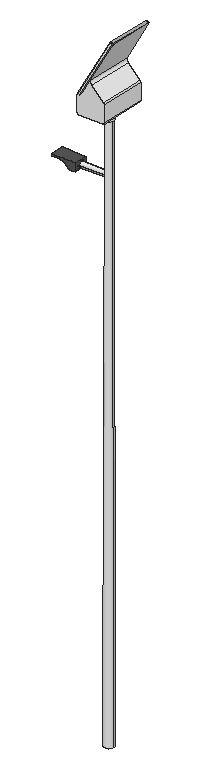
Revit family "Farola Solar Moon M blanca", category Luminarias, Revit 2021
Family settings
  Cota de conector redondo = Diámetro de uso
  Tipo de pieza = Normal
  Se basa en plano de trabajo = No
  Siempre vertical = Sí
  Corte con vacíos al cargar = No
  Origen de luz = No
  Compartido = Sí
  Punto de cálculo de habitación = No
Parameters (values of type "Farola Olintu S pintura gris")
  URL producto = "https://ekiona.com/farolas-solares/serie-moon/"
  URL = "https://www.ekiona.com/"
  Teléfono de contacto = "(+34) 943 30 80 51"
  Keynote = ""
  Modelo = "Modelo Moon"
  Marcado CE = "SÍ"
  Garantía = "5 años"
  Gama de colores = "Blanco, Negro, Gris, Verde bosque, acero galvanizado"
  Gama de acabados = "Galvanizado, Fibra de vidrio, Aluminio"
  Fabricante = "Ekiona"
  Elevación por defecto = 2000 mm
  E-mail de contacto = "info@ekiona.com"
  Distancia inserto-columa = Altura columna planos - 136 mm  # 6864 mm
  Distancia brazo-final de columna = Altura columna planos - 700 mm  # 6300 mm
  Dirección = "Parque Tecnológico Miramón - Paseo Mikeletegi 56 - 20009 Donostia/San Sebastián"
  Descripción de la empresa = "Diseñamos, desarrollamos, fabricamos y comercializamos farolas solares que se adaptan a cualquier necesidad."
  Descripción = "Farola solar compacta y estética, la unión entre eficiencia y diseño"
  Clase eficiencia energética = "A++"
  Altura columna extremos = 7000 mm
  Altura columna planos = Altura columna extremos  # 7000 mm
Types (3, lengths in mm): name | URL producto | Modelo | Garantía | Gama de colores | Gama de acabados | Distancia inserto-columa | Distancia brazo-final de columna | Dirección | Descripción de la empresa | Descripción | Altura columna extremos | Altura columna planos
  (no name) | "https://ekiona.com/farolas-solares/serie-moon/" | "Modelo Moon" | "5 años" | "Blanco, Negro, Gris, Verde bosque, acero galvanizado" | "Galvanizado, Fibra de vidrio, Aluminio" | 6864 | 6300 | "Parque Tecnológico Miramón - Paseo Mikeletegi 56 - 20009 Donostia/San Sebastián" | "Diseñamos, desarrollamos, fabricamos y comercializamos farolas solares que se adaptan a cualquier necesidad." | "Farola solar compacta y estética, la unión entre eficiencia y diseño" | 7000 | 7000
  Farola Olintu S pintura blanca | "https://ekiona.com/farolas-solares/serie-olintu/" | "Modelo Olintu" | "2 años" | "" | "" | 3864 | 3300 | "" | "" | "Farola solar que combina diseño y eficencia" | 4000 | 4000
  Farola Olintu S pintura gris | "https://ekiona.com/farolas-solares/serie-moon/" | "Modelo Moon" | "5 años" | "Blanco, Negro, Gris, Verde bosque, acero galvanizado" | "Galvanizado, Fibra de vidrio, Aluminio" | 6864 | 6300 | "Parque Tecnológico Miramón - Paseo Mikeletegi 56 - 20009 Donostia/San Sebastián" | "Diseñamos, desarrollamos, fabricamos y comercializamos farolas solares que se adaptan a cualquier necesidad." | "Farola solar compacta y estética, la unión entre eficiencia y diseño" | 7000 | 7000
Reference planes
  plane 1 "Center (Front/Back)": y = 0
  plane 2: z = 0
  plane 3 "Center (Left/Right)": x = 0
  plane 4: z = 7000
  plane 5: z = 6300
Dimensions and locks
  "Altura columna planos": plane 2 to plane 4
  "Distancia brazo-final de columna": level to plane 5
  "Distancia inserto-columa": level to nested 3
  aligned and locked: level to plane 2
  aligned and locked: plane 5 to nested 2
Nested families
  nested 1: "Columna Moon M blanca" at (5, 0, 0), Altura columna <- "Altura columna extremos", type "Columna 7m"
  nested 2: "Luminaria Moon M blanca" at (5, 0, 6251.464), type "Luminaria 20W"
  nested 3: "Tolva Moon M blanca" at (5, 340, 5524.796), type "Tolva Moon M blanca"
Definition of nested family "Columna Moon M blanca"
  Parameters (values of type "Columna 7m")
    Øsuperior columna = 88 mm
    Øinferior columna = 115 mm
    Material columna = none
    Default Elevation = 0 mm
    Altura columna [instance] = 7000 mm
  Types (2, lengths in mm): name | Altura columna
    Columna 6m | 6000
    Columna 7m | 7000
  Reference planes
    plane 1 "Center (Front/Back)": y = 0
    plane 2: z = 0
    plane 3 "Center (Left/Right)": x = 0
    plane 4: z = 7000
  Forms (mm)
    Blend 1, solid, material <- "Material columna"
      base sketch origin (0, 0, 0) x (1, 0, 0) y (0, 1, 0)
        loop
          circle (0.091, 0.421) r 57.5
      top sketch origin (0, 0, 0) x (1, 0, 0) y (0, 1, 0)
        loop
          circle (0.091, 0.421) r 44
      from 0 to 7000
  Dimensions and locks
    "Altura columna": plane 4 to level
    "Øinferior columna": diameter of Blend 1 sketch curve
    "Øsuperior columna": diameter of Blend 1 sketch curve
    aligned and locked: level to plane 2
    aligned and locked: plane 4 to Blend 1
  Automatic sketch dimensions
    plane 3 "Center (Left/Right)" to Blend 1 sketch curve = 0.091 mm  (x2)
    Blend 1 sketch curve to plane 1 "Center (Front/Back)" = 0.421 mm  (x2)
Definition of nested family "Luminaria Moon M blanca"
  Parameters (values of type "Luminaria 50W")
    Tilt Angle = 70.00°
    built-in parameter 1010506 = 0.34907 (stored number, unit not read)
    built-in parameter 1010507 = 1.2217 (stored number, unit not read)
    Wattage = 50 W
    built-in parameter 1150107 = 3000 (stored number, unit not read)
    built-in parameter 1150110 = 1 (stored number, unit not read)
    built-in parameter 1150109 = 1 (stored number, unit not read)
    built-in parameter 1150112 = 1 (stored number, unit not read)
    built-in parameter 1150113 = 1 (stored number, unit not read)
    built-in parameter 1114218 = 1 (stored number, unit not read)
    built-in parameter 1150137 = (empty or 0)
    built-in parameter 1150132 = (empty or 0)
    Material luminaria = none
    Material brazo = none
    Material LED = none
    Light Source Symbol Length = 3048 mm
    built-in parameter 1150105 = 60769.7 (stored number, unit not read)
    built-in parameter 1150102 = (empty or 0)
    built-in parameter 1150106 = 607.7 (stored number, unit not read)
    Emit Shape Visible in Rendering = no
    Lumens = 8250 lm
    Color Filter = 16777215
    built-in parameter 1114217 = 0.7 (stored number, unit not read)
    built-in parameter 1150139 = (empty or 0)
    Default Elevation = 0 mm
    built-in parameter 1150104 = 15.329 (stored number, unit not read)
    Emit from Circle Diameter = 50 mm
    built-in parameter 1150115 = 1 (stored number, unit not read)
    built-in parameter 1150114 = 1 (stored number, unit not read)
    built-in parameter 1150138 = (empty or 0)
    built-in parameter 1150134 = (empty or 0)
    Dimming Lamp Color Temperature Shift = (empty or 0)
    built-in parameter 1150133 = 10 (stored number, unit not read)
  Types (4, lengths in mm): name | Wattage | built-in parameter 1150105 | built-in parameter 1150106 | Lumens
    Luminaria 30W | 30 W | 36461.8 (stored number, unit not read) | 364.62 (stored number, unit not read) | 4950 lm
    Luminaria 20W | 20 W | 24307.9 (stored number, unit not read) | 243.08 (stored number, unit not read) | 3300 lm
    Luminaria 40W | 40 W | 48615.8 (stored number, unit not read) | 486.16 (stored number, unit not read) | 6600 lm
    Luminaria 50W | 50 W | 60769.7 (stored number, unit not read) | 607.7 (stored number, unit not read) | 8250 lm
  Reference planes
    plane 1 "Center (Front/Back)": y = 0
    plane 2: z = 0
    plane 3 "Center (Left/Right)": x = 0
  Forms (mm)
    Revolve 1, solid, material <- "Material brazo"
      sketch origin (303.946, 1.989, 0) x (1, 0, 0) y (0, 1, 0)
        loop
          line (-668.06, 30) -> (-302.022, 30) -> (-302.022, 33.284) -> (-668.06, 33.284) -> (-668.06, 30)
        axis (-668.06, 0) -> (-302.022, 0)
      angle from 0 to 360
    Revolve 2, solid, material <- "Material LED"
      sketch origin (637.978, 0, -3.572) x (1, 0, 0) y (0, 0, 1)
        loop
          arc (-1192.369, 27.257) -> (-1185.047, 9.579) -> (-1167.369, 2.257) r 25
          line (-1167.369, 2.257) -> (-1167.369, 27.257) -> (-1192.369, 27.257)
        axis (-1167.369, 27.257) -> (-1167.369, 2.257)
      angle from 0 to 360
    Extrusion 3, solid, material <- "Material luminaria"
      sketch origin (188.457, 170, 0) x (1, 0, 0) y (0, 0, 1)
        loop
          arc (-530.557, 45) -> (-532.034, 47.059) -> (-534.093, 48.536) r 7.795
          line (-534.093, 48.536) -> (-819.093, 48.536)
          arc (-819.093, 48.536) -> (-830.585, 37.044) -> (-819.093, 25.552) r 11.492
          line (-819.093, 25.552) -> (-754.765, 25.552)
          arc (-754.765, 25.552) -> (-719.662, 20.455) -> (-685.221, 11.966) r 364.063
          arc (-685.221, 11.966) -> (-667.18, 1.896) -> (-655.103, -14.869) r 47.612
          arc (-655.103, -14.869) -> (-633.37, -40.263) -> (-603.441, -55.142) r 83.798
          arc (-603.441, -55.142) -> (-569.333, -56.37) -> (-535.764, -50.207) r 157.18
          arc (-535.764, -50.207) -> (-532.082, -48.682) -> (-530.557, -45) r 5.207
          line (-530.557, -45) -> (-530.557, 45)
      from 95.307 to 250
  Dimensions and locks
    aligned and locked: level to plane 2
Definition of nested family "Tolva Moon M blanca"
  Parameters (values of type "Tolva Olintu S blanca")
    Model = "Tolva Olintu"
    Material inserto = none
    Material estructura base = none
    Manufacturer = "Ekiona"
    Default Elevation = 0 mm
    Ancho panel = 545 mm
  Reference planes
    plane 1 "Center (Front/Back)": y = 0
    plane 2: z = 0
    plane 3 "Center (Left/Right)": x = 0
    plane 4 "paralelo a vista izq": y = -337.5
    plane 5 "Plano 1": through (259.959, -25, 3493.187) normal (-0.5, 0, 0.866)
    plane 6: through (97.83, 0, 2130.088) normal (-0.866, 0, 0.5)
  Forms (mm)
    Revolve 1, solid, material <- "Material inserto"
      sketch origin (0, 0, -386.551) x (0, 1, 0) y (0, 0, 1)
        loop
          line (-287.5, 2035.827) -> (-287.5, 1725.755) -> (-284.5, 1725.755) -> (-284.5, 2035.827) -> (-287.5, 2035.827)
        axis (-337.5, 2035.827) -> (-337.5, 1725.755)
      angle from 0 to 360
    Extrusion 2, solid, not visible
      sketch origin (124.705, 0, 1465.982) x (1, 0, 0) y (0, 0, 1)
        loop
          line (25.298, 2103.034) -> (-292.965, 1551.785) -> (-241.004, 1521.785) -> (77.26, 2073.034) -> (25.298, 2103.034)
      from 70.047 to 615.047
    Extrusion 3, void, not visible
      sketch origin (-63.196, 0, 1140.322) x (1, 0, 0) y (0, 0, 1)
        loop
          line (224.128, 2422.685) -> (236.948, 2349.979) -> (276.798, 2419.002) -> (224.128, 2422.685)
      from 0 to 675
    Extrusion 4, void, not visible
      sketch origin (124.705, 0, 1465.982) x (1, 0, 0) y (0, 0, 1)
        loop
          line (-212.839, 1570.569) -> (-289.787, 1549.95) -> (-300.47, 1528.787) -> (-231.188, 1488.787) -> (-191.188, 1558.069) -> (-212.839, 1570.569)
      from 0 to 675
    Extrusion 5, solid, not visible
      sketch origin (-63.252, 0, 1140.601) x (1, 0, 0) y (0, 0, 1)
        loop
          line (212.635, 2427.51) -> (224.709, 2420.539) -> (237.206, 2349.669) -> (152.052, 2202.179) -> (153.752, 2201.197) -> (239.192, 2349.183) -> (226.372, 2421.888) -> (213.635, 2429.242) -> (212.635, 2427.51)
      from 70.047 to 615.047
    Extrusion 6, solid, not visible
      sketch origin (124.679, 0, 1466.114) x (1, 0, 0) y (0, 0, 1)
        loop
          line (-35.879, 1876.666) -> (-212.705, 1570.395) -> (-289.813, 1549.734) -> (-293.065, 1551.612) -> (-294.068, 1549.876) -> (-290.068, 1547.567) -> (-211.46, 1568.63) -> (-34.182, 1875.686) -> (-35.879, 1876.666)
      from 70.047 to 615.047
    Extrusion 7, solid, not visible
      sketch origin (124.769, 0, 1465.921) x (1, 0, 0) y (0, 0, 1)
        loop
          line (-292.965, 1551.785) -> (25.035, 2102.578) -> (-5.276, 2120.078) -> (-323.276, 1569.285) -> (-292.965, 1551.785)
      from 70.047 to 615.047
    Extrusion 8, void, not visible
      sketch origin (-1013.482, -34.1, 1392.821) x (0, 1, 0) y (0.5, 0, 0.866025)
        loop
          line (-463.861, 2321.81) -> (-416.148, 2321.81)
          arc (-416.148, 2321.81) -> (-419.48, 2339.286) -> (-430.409, 2353.323) r 37.954
          arc (-430.409, 2353.323) -> (-445.409, 2358.568) -> (-460.409, 2353.323) r 24.073
          arc (-460.409, 2353.323) -> (-471.433, 2339.075) -> (-474.645, 2321.349) r 37.954
          arc (-474.645, 2321.349) -> (-473.167, 2312.913) -> (-469.836, 2305.024) r 37.954
          arc (-469.836, 2305.024) -> (-441.562, 2289.96) -> (-416.017, 2309.293) r 29.744
          line (-416.017, 2309.293) -> (-423.962, 2312.74)
          arc (-423.962, 2312.74) -> (-442.617, 2300.75) -> (-461.255, 2312.766) r 20.484
          arc (-461.255, 2312.766) -> (-462.888, 2317.193) -> (-463.861, 2321.81) r 32.425
        loop
          line (-462.861, 2331.038) -> (-427.861, 2331.038)
          arc (-427.861, 2331.038) -> (-445.361, 2348.538) -> (-462.861, 2331.038) r 17.5
        loop
          line (-407.152, 2354.99) -> (-407.152, 2299.99)
          arc (-407.152, 2299.99) -> (-401.908, 2294.747) -> (-396.665, 2299.99) r 5.244
          line (-396.665, 2299.99) -> (-396.665, 2315.008) -> (-387.196, 2324.476) -> (-367.121, 2295.806)
          arc (-367.121, 2295.806) -> (-360.158, 2294.578) -> (-358.93, 2301.542) r 5
          line (-358.93, 2301.542) -> (-380.016, 2331.656) -> (-362.339, 2349.334)
          arc (-362.339, 2349.334) -> (-362.339, 2357.323) -> (-370.328, 2357.323) r 5.649
          line (-370.328, 2357.323) -> (-396.665, 2330.986) -> (-396.665, 2354.99)
          arc (-396.665, 2354.99) -> (-401.908, 2360.234) -> (-407.152, 2354.99) r 5.244
        loop
          line (-345.695, 2330.348) -> (-345.695, 2298.296)
          arc (-345.695, 2298.296) -> (-340.695, 2293.296) -> (-335.695, 2298.296) r 5
          line (-335.695, 2298.296) -> (-335.695, 2330.348)
          arc (-335.695, 2330.348) -> (-340.695, 2335.348) -> (-345.695, 2330.348) r 5
        loop
          arc (-313.958, 2351.943) -> (-322.635, 2348.932) -> (-329.497, 2355.038) r 9.076
          arc (-329.497, 2355.038) -> (-336.449, 2361.579) -> (-345.695, 2359.211) r 9.903
          arc (-345.695, 2359.211) -> (-348.682, 2355.086) -> (-349.922, 2350.147) r 13.45
          arc (-349.922, 2350.147) -> (-346.706, 2343.243) -> (-339.177, 2342.089) r 8.071
          arc (-339.177, 2342.089) -> (-335.695, 2342.685) -> (-332.214, 2342.089) r 10.463
          arc (-332.214, 2342.089) -> (-327.031, 2338.208) -> (-325.061, 2332.04) r 10.635
          arc (-325.061, 2332.04) -> (-262.525, 2310.202) -> (-313.958, 2351.943) r 33.621
        loop
          line (-250.357, 2353.481) -> (-250.357, 2298.481)
          arc (-250.357, 2298.481) -> (-243.625, 2291.749) -> (-236.893, 2298.481) r 6.732
          line (-236.893, 2298.481) -> (-236.893, 2343.466)
          arc (-236.893, 2343.466) -> (-229.971, 2349.019) -> (-221.459, 2351.529) r 22.933
          arc (-221.459, 2351.529) -> (-212.902, 2347.984) -> (-209.357, 2339.427) r 12.102
          line (-209.357, 2339.427) -> (-209.357, 2298.481)
          arc (-209.357, 2298.481) -> (-203.024, 2292.148) -> (-196.691, 2298.481) r 6.333
          line (-196.691, 2298.481) -> (-196.691, 2339.905)
          arc (-196.691, 2339.905) -> (-198.028, 2347.169) -> (-201.863, 2353.481) r 20.404
          arc (-201.863, 2353.481) -> (-219.569, 2360.932) -> (-237.793, 2354.854) r 27.258
          arc (-237.793, 2354.854) -> (-244.69, 2359.8) -> (-250.357, 2353.481) r 6.357
        loop
          arc (-184.719, 2344.597) -> (-181.441, 2338.502) -> (-174.681, 2339.98) r 5.745
          arc (-174.681, 2339.98) -> (-169.693, 2349.593) -> (-159.36, 2352.836) r 14.106
          arc (-159.36, 2352.836) -> (-151.076, 2350.212) -> (-144.661, 2344.349) r 20.193
          line (-144.661, 2344.349) -> (-144.661, 2338.186)
          arc (-144.661, 2338.186) -> (-158.183, 2333.475) -> (-172.248, 2330.794) r 97.575
          arc (-172.248, 2330.794) -> (-181.869, 2326.808) -> (-185.855, 2317.187) r 13.607
          arc (-185.855, 2317.187) -> (-186.09, 2312.502) -> (-186.044, 2307.811) r 78.299
          arc (-186.044, 2307.811) -> (-182.313, 2300.899) -> (-176.154, 2296.024) r 19.471
          arc (-176.154, 2296.024) -> (-166.154, 2293.649) -> (-156.154, 2296.024) r 22.235
          arc (-156.154, 2296.024) -> (-150.683, 2299.242) -> (-145.676, 2303.144) r 48.757
          line (-145.676, 2303.144) -> (-145.676, 2297.176)
          arc (-145.676, 2297.176) -> (-140.801, 2292.301) -> (-135.926, 2297.176) r 4.875
          line (-135.926, 2297.176) -> (-135.926, 2347.483)
          arc (-135.926, 2347.483) -> (-140.108, 2354.143) -> (-146.491, 2358.739) r 20.503
          arc (-146.491, 2358.739) -> (-158.534, 2361.376) -> (-170.577, 2358.739) r 28.822
          arc (-170.577, 2358.739) -> (-178.914, 2352.934) -> (-184.719, 2344.597) r 28.822
        loop
          arc (-144.661, 2330.676) -> (-156.177, 2325.488) -> (-168.693, 2323.785) r 44.019
          arc (-168.693, 2323.785) -> (-173.358, 2321.852) -> (-175.29, 2317.187) r 6.598
          arc (-175.29, 2317.187) -> (-175.527, 2313.145) -> (-175.29, 2309.103) r 34.669
          arc (-175.29, 2309.103) -> (-173.729, 2305.335) -> (-169.961, 2303.774) r 5.329
          arc (-169.961, 2303.774) -> (-163.465, 2302.436) -> (-156.969, 2303.774) r 16.436
          arc (-156.969, 2303.774) -> (-150.056, 2308.034) -> (-144.661, 2314.101) r 27.926
          line (-144.661, 2314.101) -> (-144.661, 2330.676)
      from -19.407 to 3
    Revolve 9, solid, not visible
      sketch origin (0, 0, 1241.412) x (0, 1, 0) y (0, 0, 1)
        loop
          line (-287.5, 2035.827) -> (-287.5, 1725.755) -> (-284.5, 1725.755) -> (-284.5, 2035.827) -> (-287.5, 2035.827)
        axis (-337.5, 2035.827) -> (-337.5, 1725.755)
      angle from 0 to 360
    Extrusion 10, solid, not visible
      sketch origin (128.943, 0, 6.927) x (1, 0, 0) y (0, 0, 1)
        loop
          line (25.298, 2103.034) -> (-292.965, 1551.785) -> (-241.004, 1521.785) -> (77.26, 2073.034) -> (25.298, 2103.034)
      from 70.047 to 615.047
    Extrusion 11, solid, not visible
      sketch origin (-59.014, 0, -318.454) x (1, 0, 0) y (0, 0, 1)
        loop
          line (212.635, 2427.51) -> (224.709, 2420.539) -> (237.206, 2349.669) -> (152.052, 2202.179) -> (153.752, 2201.197) -> (239.192, 2349.183) -> (226.372, 2421.888) -> (213.635, 2429.242) -> (212.635, 2427.51)
      from 70.047 to 615.047
    Extrusion 12, solid, not visible
      sketch origin (128.918, 0, 7.059) x (1, 0, 0) y (0, 0, 1)
        loop
          line (-35.879, 1876.666) -> (-212.705, 1570.395) -> (-289.813, 1549.734) -> (-293.065, 1551.612) -> (-294.068, 1549.876) -> (-290.068, 1547.567) -> (-211.46, 1568.63) -> (-34.182, 1875.686) -> (-35.879, 1876.666)
      from 70.047 to 615.047
    Revolve 13, solid, not visible
      sketch origin (0, 0, -217.643) x (0, 1, 0) y (0, 0, 1)
        loop
          line (-287.5, 2035.827) -> (-287.5, 1725.755) -> (-284.5, 1725.755) -> (-284.5, 2035.827) -> (-287.5, 2035.827)
        axis (-337.5, 2035.827) -> (-337.5, 1725.755)
      angle from 0 to 360
    Extrusion 14, solid
      sketch origin (106.298, 0, 251.777) x (1, 0, 0) y (0, 0, 1)
        loop
          line (160.132, 2120.334) -> (134.151, 2135.334) -> (-268.349, 1438.184) -> (-242.368, 1423.184) -> (160.132, 2120.334)
      from 72.309 to 613.86
    Extrusion 15, solid, material <- "Material estructura base"
      sketch origin (0, 0, 0) x (1, 0, 0) y (0, 0, 1)
        loop
          arc (147.315, 1456.297) -> (160.446, 1461.736) -> (165.885, 1474.867) r 18.569
          line (165.885, 1474.867) -> (165.885, 1674.867)
          arc (165.885, 1674.867) -> (163.765, 1685.3) -> (157.744, 1694.079) r 26.74
          line (157.744, 1694.079) -> (12.787, 1839.036)
          arc (12.787, 1839.036) -> (-0.782, 1863.06) -> (0, 1890.64) r 51.489
          line (0, 1890.64) -> (275.091, 2367.111) -> (244.78, 2384.611) -> (-167.647, 1670.268)
          arc (-167.647, 1670.268) -> (-169.408, 1662.657) -> (-170, 1654.867) r 51.572
          line (-170, 1654.867) -> (-170, 1477.511)
          arc (-170, 1477.511) -> (-163.787, 1462.511) -> (-148.787, 1456.297) r 21.213
          line (-148.787, 1456.297) -> (147.315, 1456.297)
      from 70.047 to 615.047
  Dimensions and locks
    Revolve 1 sketch curve to Revolve 1 sketch curve = 50 mm
    Revolve 1 sketch curve to Revolve 1 sketch curve = 53 mm
    Revolve 13 sketch curve to Revolve 13 sketch curve = 50 mm
    Revolve 13 sketch curve to Revolve 13 sketch curve = 53 mm
    Extrusion 15 to Extrusion 14 = 805 mm
    aligned and locked: level to plane 2
